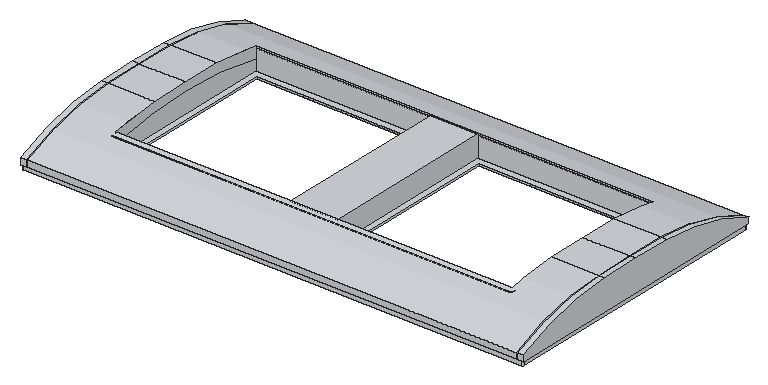
Revit family "Gira_021251", category Electrical Fixtures, host Face, Revit 2017
Family settings
  Host = Face
  Maintain Annotation Orientation = No
  Round Connector Dimension = Use Diameter
  Part Type = Normal
  Cut with Voids When Loaded = No
  Shared = No
  Room Calculation Point = No
Parameters (values of type "Cov.fr. 2-g interm.fr. CAl Gira Event Opaque mint")
  With mounting grid = "No"
  With hinged lid = "No"
  URL = "http://katalog.gira.de/en/datenblatt.html?artikelnr=021251"
  Type of fastening = "Clamp mounting"
  Transparent = "No"
  Surface protection = "Other"
  Suitable for wall duct = "No"
  Suitable for flush-mounted installation = "Yes"
  Suitable for floor box = "No"
  Suitable for built-in installation = "No"
  Number of units vertical = "2"
  Number of units horizontal = "2"
  Number of units = "2"
  Name = "Cov.fr. 2-g interm.fr. CAl Gira Event Opaque mint"
  Mounting direction = "Horizontal and vertical"
  Material quality = "Thermoplastic"
  Material = "Plastic"
  Manufacturer URL = "https://www.gira.de/"
  Manufacturer = "Gira"
  Label space/information surface = "No"
  Keynote = ""
  HeinzeBIM = "https://bimportal.heinze.de/bim/cov-fr-2-g-interm-fr-cal-gira-event-opaque-mint/c75b344b8323518b7d6375e6588afcb190b06100"
  Halogen free = "Yes"
  HAN = "021251"
  GTIN = "4010337212515"
  Description = "Cov.fr.2g i.fr.CAl EvOp MI,Gira Event Opaque frames,mint with colour aluminium intermediate frame,2-gang,Features:,- Shatter-proof."
  Degree of protection (IP) = "IP21"
  Default Elevation = 1219.2 mm
  Data sheet (1) = "https://katalog.gira.de/en/download.html?artikelnr=021251"
  Colour = "Green"
  Category = "Cover frame for domestic switching devices"
  BIM (1) = "https://media.stage.bim.site/public/gira/36a6b08/Event_Rahmen_2fach.rfa"
  Available = "No"
Reference planes
  plane 1 "Center (Front/Back)": y = 0
  plane 2: z = 0
  plane 3 "Center (Left/Right)": x = 0
Forms (mm)
  Extrusion 1, solid, detail levels fine
    sketch origin (0, 0, 0.05) x (0, 1, 0) y (0, 0, 1)
      loop
        arc (12.445, 9.683) -> (6.223, 9.833) -> (0, 9.85) r 291.636
        arc (0, 9.85) -> (-6.223, 9.833) -> (-12.445, 9.683) r 291.636
        arc (-12.445, 9.683) -> (-29.14, 7.482) -> (-45, 1.823) r 79.728
        line (-45, 1.823) -> (-45, -0.05) -> (-42.086, -0.05)
        arc (-42.086, -0.05) -> (-21.385, 5.559) -> (0, 7.206) r 114.424
        arc (0, 7.206) -> (21.385, 5.559) -> (42.086, -0.05) r 114.424
        line (42.086, -0.05) -> (45, -0.05) -> (45, 1.823)
        arc (45, 1.823) -> (29.14, 7.482) -> (12.445, 9.683) r 79.728
    from -78.55 to 78.55
  Extrusion 2, void, detail levels fine
    sketch origin (0, 0, 0) x (1, 0, 0) y (0, 1, 0)
      loop
        line (-63.55, -27.937) -> (63.55, -27.937) -> (63.55, 28.063) -> (-63.55, 28.063) -> (-63.55, -27.937)
    from 0.724 to 11
  Extrusion 3, solid, detail levels coarse
    sketch origin (0, 0, 0) x (1, 0, 0) y (0, 1, 0)
      loop
        line (-80.55, 45) -> (-80.55, -45) -> (80.55, -45) -> (80.55, 45) -> (-80.55, 45)
    from -1.5 to 9.9
  Extrusion 4, solid, detail levels medium
    sketch origin (0, 0, 0.05) x (0, 1, 0) y (0, 0, 1)
      loop
        arc (12.445, 9.683) -> (6.223, 9.833) -> (0, 9.85) r 291.636
        arc (0, 9.85) -> (-6.223, 9.833) -> (-12.445, 9.683) r 291.636
        arc (-12.445, 9.683) -> (-29.14, 7.482) -> (-45, 1.823) r 79.728
        line (-45, 1.823) -> (-45, -0.05) -> (45, -0.05) -> (45, 1.823)
        arc (45, 1.823) -> (29.14, 7.482) -> (12.445, 9.683) r 79.728
    from -80.55 to 80.55
  Extrusion 5, solid, detail levels fine
    sketch origin (-35.55, 0, -1.5) x (0, 1, 0) y (0, 0, -1)
      loop
        line (45, -3.373) -> (45, -1.5) -> (-45, -1.5) -> (-45, -3.373)
        arc (-45, -3.373) -> (-29.14, -9.032) -> (-12.445, -11.233) r 79.728
        arc (-12.445, -11.233) -> (-6.223, -11.383) -> (0, -11.4) r 291.636
        arc (0, -11.4) -> (6.223, -11.383) -> (12.445, -11.233) r 291.636
        arc (12.445, -11.233) -> (29.14, -9.032) -> (45, -3.373) r 79.728
    from 43 to 45
  Extrusion 6, solid, detail levels fine
    sketch origin (0, 0, 0) x (1, 0, 0) y (0, 1, 0)
      loop
        line (-61.45, 25.7) -> (-61.45, -25.7) -> (-9.65, -25.7) -> (-9.65, 25.7) -> (-61.45, 25.7)
      loop
        line (61.45, -25.7) -> (61.45, 25.7) -> (9.65, 25.7) -> (9.65, -25.7) -> (61.45, -25.7)
      loop
        line (-64.445, 28.49) -> (-64.445, -28.495)
        spline (-64.445, -28.495) -> (-64.436, -28.625) -> (-64.411, -28.754) -> (-64.369, -28.878) -> (-64.311, -28.995) -> (-64.238, -29.104) -> (-64.152, -29.202) -> (-64.054, -29.288) -> (-63.945, -29.361) -> (-63.828, -29.419) -> (-63.704, -29.461) -> (-63.575, -29.486) -> (-63.445, -29.495)
        line (-63.445, -29.495) -> (63.445, -29.495)
        spline (63.445, -29.495) -> (63.575, -29.486) -> (63.704, -29.461) -> (63.828, -29.419) -> (63.945, -29.361) -> (64.054, -29.288) -> (64.152, -29.202) -> (64.238, -29.104) -> (64.311, -28.995) -> (64.369, -28.878) -> (64.411, -28.754) -> (64.436, -28.625) -> (64.445, -28.495)
        line (64.445, -28.495) -> (64.445, 28.49)
        spline (64.445, 28.49) -> (64.436, 28.62) -> (64.411, 28.748) -> (64.369, 28.872) -> (64.311, 28.99) -> (64.238, 29.098) -> (64.152, 29.197) -> (64.054, 29.283) -> (63.945, 29.356) -> (63.828, 29.413) -> (63.704, 29.456) -> (63.575, 29.481) -> (63.445, 29.49)
        line (63.445, 29.49) -> (-63.445, 29.49)
        spline (-63.445, 29.49) -> (-63.575, 29.481) -> (-63.704, 29.456) -> (-63.828, 29.413) -> (-63.945, 29.356) -> (-64.054, 29.283) -> (-64.152, 29.197) -> (-64.238, 29.098) -> (-64.311, 28.99) -> (-64.369, 28.872) -> (-64.411, 28.748) -> (-64.436, 28.62) -> (-64.445, 28.49)
    from 0.1 to 7.3
  Extrusion 7, solid
    sketch origin (0, 0, 0) x (1, 0, 0) y (0, 1, 0)
      loop
        arc (-80.25, -44.2) -> (-80.104, -44.554) -> (-79.75, -44.7) r 0.5
        line (-79.75, -44.7) -> (79.75, -44.7)
        arc (79.75, -44.7) -> (80.104, -44.554) -> (80.25, -44.2) r 0.5
        line (80.25, -44.2) -> (80.25, 44.2)
        arc (80.25, 44.2) -> (80.104, 44.554) -> (79.75, 44.7) r 0.5
        line (79.75, 44.7) -> (-79.75, 44.7)
        arc (-79.75, 44.7) -> (-80.104, 44.554) -> (-80.25, 44.2) r 0.5
        line (-80.25, 44.2) -> (-80.25, -44.2)
      loop
        line (-78.55, 43) -> (-78.55, -43) -> (78.55, -43) -> (78.55, 43) -> (-78.55, 43)
    from -1.5 to 0.5
  Extrusion 8, solid, detail levels fine
    sketch origin (35.55, 0, -1.5) x (0, 1, 0) y (0, 0, 1)
      loop
        arc (45, 3.373) -> (29.14, 9.032) -> (12.445, 11.233) r 79.728
        arc (12.445, 11.233) -> (6.223, 11.383) -> (0, 11.4) r 291.636
        arc (0, 11.4) -> (-6.223, 11.383) -> (-12.445, 11.233) r 291.636
        arc (-12.445, 11.233) -> (-29.14, 9.032) -> (-45, 3.373) r 79.728
        line (-45, 3.373) -> (-45, 1.5) -> (45, 1.5) -> (45, 3.373)
    from 43 to 45
  Extrusion 9, solid, detail levels medium
    sketch origin (0, 0, 0) x (1, 0, 0) y (0, 1, 0)
      loop
        line (-80.25, -44.7) -> (80.25, -44.7) -> (80.25, 44.7) -> (-80.25, 44.7) -> (-80.25, -44.7)
    from -1.5 to 0.5
  Extrusion 10, solid, detail levels fine
    sketch origin (0, 0, 0) x (1, 0, 0) y (0, 1, 0)
      loop
        line (-7.55, 28.063) -> (-7.55, -27.937) -> (7.55, -27.937) -> (7.55, 28.063) -> (-7.55, 28.063)
    from 0.724 to 7.566
Cuts and joins
  Extrusion 2 cuts Extrusion 1
  Extrusion 2 cuts Extrusion 6
Dimensions and locks
  aligned and locked: plane 2 to host face
  aligned and locked: level to host face
